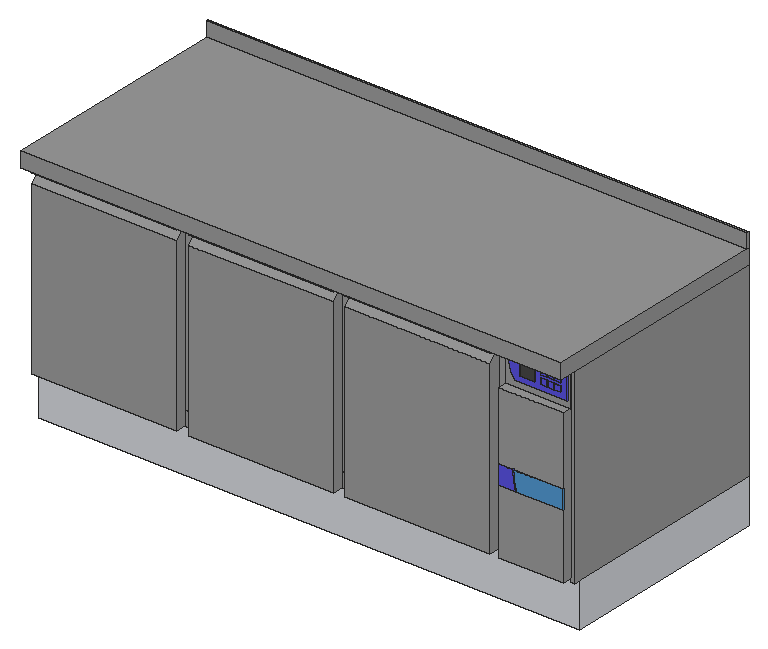
Revit family "Backwaren-Kühltische400x600 - Zentral", category Sonderausstattung, Revit 2015
Parameters (values of type "650x1845 3-türig")
  Öffnungstiefe = Korpus Tiefe - Rückwand Stärke - 100 mm  # 570 mm
  Öffnungssymbol Grundriss [instance] = yes
  Watt = 130 W
  Wand unten Stärke = 50 mm  # constant formula
  Wand oben Stärke = 50 mm  # constant formula
  Versatz bei Sockel oder Füße [instance] = if(or(Sockel, Füße), 150 mm, 0 mm)  # 150 mm
  Versatz Tür zu Seitenteil = 30 mm
  Türen Stärke = 50 mm  # constant formula
  Türen Lücke = 40 mm
  Türen Höhe = Korpus Höhe - 20 mm  # 630 mm
  Türen Breite = 495 mm
  Türen Anzahl = 3
  Türen Breite halb = Türen Breite / 2  # 247.5 mm
  Tür_3 = yes
  Tür_2 = yes
  Tür_1 = yes
  Tiefe [instance] = 800 mm
  Temp. Bereich = "-2°C / +10°C"
  Spannung = 230 V
  Sockelhöhe = 150 mm  # constant formula
  Sockel [instance] = yes
  Seitenwand Stärke = 50 mm  # constant formula
  Seitenteilwand Stärke = 15 mm  # constant formula
  Seitenteil Breite = 220 mm
  Scheinleistung = 0 VA
  Pole = 1
  Platte Tiefe = 800 mm  # constant formula
  Platte Stärke [instance] = if(Marmorplatte, 40 mm, 50 mm)  # 50 mm
  Pfosten Tiefe = 50 mm  # constant formula
  Rückwand Stärke = 50 mm  # constant formula
  Pfosten Breite = 100 mm  # constant formula
  Pfosten Anzahl = 2
  Pfosten Abstand = Türen Breite + (Türen Lücke / 2)  # 515 mm
  Pfosten 2 = yes
  Pfosten 1 = yes
  Material = Edelstahl AISI 304
  Marmorplatte Strg [instance] = if(and(Deckplatte, Marmorplatte), not(Marmorplatte), if(Marmorplatte, Marmorplatte, Marmorplatte))  # no
  Marmorplatte Material = Marmor
  Marmorplatte [instance] = no
  Kältemittel = "R290"
  Kälteleistung = "430 Watt -15°C VT"
  Korpus Tiefe = Platte Tiefe - 50 mm - 30 mm  # 720 mm
  Korpus Höhe = 650 mm
  Korpus Breite = Breite - Seitenteil Breite - Seitenteilwand Stärke  # 1610 mm
  Kapazität = "3 x 10 x EN6040"
  Höhe Leitungsanschluss = 500 mm
  Höhe Elektroanschluss = 150 mm
  Höhe [instance] = if(or(Deckplatte, Marmorplatte), Korpus Höhe + Versatz bei Sockel oder Füße + Platte Stärke, Korpus Höhe + Versatz bei Sockel oder Füße)  # 850 mm
  Füße Strg [instance] = and(Füße, not(Sockel))  # no
  Füße [instance] = no
  Deckplatte [instance] = yes
  DN Trichterablauf = 50 mm
  DN Saugleitung = 8 mm
  DN Flüssigkeitsleitung = 6 mm
  Breite = 1845 mm
  Aufkantung Stärke = 6 mm
  Aufkantung Strg [instance] = and(or(Deckplatte, Marmorplatte), Aufkantung)  # yes
  Aufkantung Höhe = 50 mm
  Aufkantung [instance] = yes
  Artnr ohne Platte = "KTO 834660"
  Artnr mit Platte und Aufkantung = "KTO 834661"
  Artnr mit Platte = "KTO 834662"
  Artikelnr. [instance] = if(and(Deckplatte, not(Aufkantung)), Artnr mit Platte, if(and(Deckplatte, Aufkantung), Artnr mit Platte und Aufkantung, Artnr ohne Platte))  # "KTO 834661"
  Abstand Logo = (Korpus Höhe - 120 mm) / 2  # 265 mm
  Abstand Leitungen = 100 mm
  Abstand Display seitlich = 10 mm
Types (2, lengths in mm): name | Watt | Versatz Tür zu Seitenteil | Türen Anzahl | Tür_3 | Pfosten Anzahl | Pfosten 2 | Marmorplatte Material | Kälteleistung | Korpus Breite | Kapazität | Breite | Artnr ohne Platte | Artnr mit Platte und Aufkantung | Artnr mit Platte | Artikelnr.
  650x1300 2-türig | 80 W | 20 | 2 | no | 1 | no | none | "310 Watt -15°C VT" | 1065 | "2 x 10 x EN6040" | 1300 | "KTO 824660" | "KTO 824661" | "KTO 824662" | "KTO 824661"
  650x1845 3-türig | 130 W | 30 | 3 | yes | 2 | yes | Marmor | "430 Watt -15°C VT" | 1610 | "3 x 10 x EN6040" | 1845 | "KTO 834660" | "KTO 834661" | "KTO 834662" | "KTO 834661"
Reference planes
  plane 1 "Mitte (Vorne/Hinten)": y = 0
  plane 2: z = 0
  plane 3 "Mitte (Links/Rechts)": x = 0
  plane 4: x = -15
  plane 5: x = -235
  plane 6: x = -285
  plane 7: x = -730
  plane 8: x = -780
  plane 9: x = -830
  plane 10: x = -1265
  plane 11: x = -1315
  plane 12: x = -1365
  plane 13: x = -1795
  plane 14 "L": x = -1845
  plane 15: y = -50
  plane 16: y = -670
  plane 17: y = -720
  plane 18 "Korpus unten": z = 150
  plane 19: z = 200
  plane 20: z = 750
  plane 21: z = 800
  plane 22: z = 850
  plane 23: z = 900
  plane 24: z = 150
  plane 25 "Türen": z = 160
  plane 26: z = 680
  plane 27: y = -15
  plane 28: y = -800
  plane 29: x = -1830
  plane 30: x = -265
  plane 31: y = -6
  plane 32: x = -1582.5
  plane 33: x = -1047.5
  plane 34: x = -512.5
  plane 35 "Display": y = -740
  plane 36 "Logo": y = -770
  plane 37: x = -110
  plane 38: y = -160
  plane 39: y = -300
  plane 40: y = -450
  plane 41: z = 447.5
  plane 42: z = 382.5
  plane 43: z = 415
  plane 44: x = -760
  plane 45: x = -1295
  plane 46: x = -800
  plane 47: x = -1335
  plane 48 "Leitungen": z = 500
  plane 49 "Elektro": z = 150
  plane 50: x = -160
  plane 51: x = -60
  plane 52: y = -80
  plane 53: y = -678
  plane 54: x = -1765
  plane 55 "SR": x = -273
Forms (mm)
  Extrusion 1, solid, material "Edelstahl AISI 304" <- "Material", visible <- "Pfosten 2", detail levels fine
    sketch origin (0, 0, 0) x (1, 0, 0) y (0, 1, 0)
      loop
        line (-1365, -720) -> (-1265, -720) -> (-1265, -670) -> (-1365, -670) -> (-1365, -720)
    from 200 to 750
  Extrusion 2, solid, material "Edelstahl AISI 304" <- "Material", visible <- "Pfosten 1", detail levels fine
    sketch origin (0, 0, 0) x (1, 0, 0) y (0, 1, 0)
      loop
        line (-830, -720) -> (-730, -720) -> (-730, -670) -> (-830, -670) -> (-830, -720)
    from 200 to 750
  Extrusion 3, solid, material "Edelstahl AISI 304" <- "Material", detail levels fine
    sketch origin (0, 0, 0) x (1, 0, 0) y (0, 0, 1)
      loop
        line (-235, 150) -> (-235, 800) -> (-1845, 800) -> (-1845, 150) -> (-235, 150)
      loop
        line (-1795, 750) -> (-1795, 200) -> (-285, 200) -> (-285, 750) -> (-1795, 750)
    from 0 to 720
  Extrusion 4, solid, material "Edelstahl AISI 304" <- "Material", detail levels fine
    sketch origin (0, 0, 0) x (1, 0, 0) y (0, 0, 1)
      loop
        line (-1795, 750) -> (-1795, 200) -> (-285, 200) -> (-285, 750) -> (-1795, 750)
    from 0 to 50
  Extrusion 5, solid, material "Edelstahl AISI 304" <- "Material", visible <- "Füße Strg", detail levels medium+fine
    sketch origin (0, 0, 0) x (1, 0, 0) y (0, 1, 0)
      loop
        circle (-273, -80) r 20
      loop
        circle (-273, -678) r 20
      loop
        circle (-1765, -678) r 20
      loop
        circle (-1765, -80) r 20
    from 0 to 150
  Extrusion 6, solid, visible <- "Sockel", detail levels medium+fine
    sketch origin (0, 0, 0) x (1, 0, 0) y (0, 1, 0)
      loop
        line (-1845, 0) -> (-1845, -720) -> (0, -720) -> (0, 0) -> (-1845, 0)
    from 0 to 150
  Extrusion 7, solid, material "Edelstahl AISI 304" <- "Material", detail levels medium+fine
    sketch origin (0, 0, 0) x (1, 0, 0) y (0, 1, 0)
      loop
        line (-235, 0) -> (-235, -720) -> (-15, -720) -> (-15, 0) -> (-235, 0)
    from 150 to 800
  Extrusion 8, solid, material "Edelstahl AISI 304" <- "Material", detail levels medium+fine
    sketch origin (0, 0, 0) x (1, 0, 0) y (0, 1, 0)
      loop
        line (-15, 0) -> (-15, -740) -> (0, -740) -> (0, 0) -> (-15, 0)
    from 150 to 800
  Extrusion 9, solid, material "Edelstahl AISI 304" <- "Material", visible <- "Deckplatte", detail levels medium+fine
    sketch origin (0, 0, 0) x (1, 0, 0) y (0, 1, 0)
      loop
        line (-1845, 0) -> (-1845, -800) -> (0, -800) -> (0, 0) -> (-1845, 0)
    from 800 to 850
  Extrusion 10, solid, material "Edelstahl AISI 304" <- "Material", visible <- "Aufkantung Strg", detail levels fine
    sketch origin (0, 0, 0) x (1, 0, 0) y (0, 1, 0)
      loop
        line (-1845, 0) -> (-1845, -6) -> (0, -6) -> (0, 0) -> (-1845, 0)
    from 850 to 900
  Extrusion 11, solid, material "Edelstahl AISI 304" <- "Material", detail levels medium+fine
    sketch origin (0, 0, 0) x (1, 0, 0) y (0, 0, 1)
      loop
        line (-15, 160) -> (-15, 680) -> (-235, 680) -> (-235, 160) -> (-15, 160)
    from 720 to 770
  Extrusion 12, solid, material "Edelstahl AISI 304" <- "Material", detail levels medium+fine
    sketch origin (0, 0, 0) x (1, 0, 0) y (0, 0, 1)
      loop
        line (-235, 800) -> (-235, 680) -> (-15, 680) -> (-15, 800) -> (-235, 800)
    from 720 to 740
  Extrusion 13, solid, material "Logo Blau Dunkel", detail levels fine
    sketch origin (0, -740, 0) x (-1, 0, 0) y (0, 0, 1)
      loop
        line (225, 780) -> (25, 780) -> (25, 700) -> (205, 700)
        arc (205, 700) -> (219.844, 738.789) -> (225, 780) r 172.745
      loop
        line (185, 770) -> (135, 770) -> (135, 720) -> (185, 720) -> (185, 770)
      loop
        line (115, 770) -> (95, 770) -> (95, 750) -> (115, 750) -> (115, 770)
      loop
        line (90, 770) -> (70, 770) -> (70, 750) -> (90, 750) -> (90, 770)
      loop
        line (65, 770) -> (45, 770) -> (45, 750) -> (65, 750) -> (65, 770)
      loop
        line (115, 720) -> (115, 740) -> (95, 740) -> (95, 720) -> (115, 720)
      loop
        line (90, 720) -> (90, 740) -> (70, 740) -> (70, 720) -> (90, 720)
      loop
        line (65, 720) -> (65, 740) -> (45, 740) -> (45, 720) -> (65, 720)
    from 0 to -2
  Extrusion 14, solid, material "Logo Blau Hell", detail levels fine
    sketch origin (0, -770, 0) x (-1, 0, 0) y (0, 0, 1)
      loop
        line (185, 447.5) -> (15, 447.5) -> (15, 382.5) -> (175, 382.5)
        arc (175, 382.5) -> (182.724, 414.581) -> (185, 447.5) r 197.504
    from 0 to -2
  Extrusion 15, solid, material "Logo Blau Dunkel", detail levels fine
    sketch origin (0, -770, 0) x (-1, 0, 0) y (0, 0, 1)
      loop
        line (175, 382.5) -> (235, 382.5) -> (235, 447.5) -> (185, 447.5)
        arc (185, 447.5) -> (182.724, 414.581) -> (175, 382.5) r 197.504
    from 0 to -2
  Extrusion 16, solid, not visible
    sketch origin (0, 0, 150) x (-1, 0, 0) y (0, -1, 0)
      loop
        circle (110, 160) r 40
    from 0 to 2
  Extrusion 17, solid, material "Display", detail levels fine
    sketch origin (0, -740, 0) x (-1, 0, 0) y (0, 0, 1)
      loop
        line (185, 770) -> (135, 770) -> (135, 720) -> (185, 720) -> (185, 770)
    from 0 to -2
  Extrusion 18, solid, material "Knöpfe", detail levels fine
    sketch origin (0, -740, 0) x (-1, 0, 0) y (0, 0, 1)
      loop
        line (115, 770) -> (95, 770) -> (95, 750) -> (115, 750) -> (115, 770)
      loop
        line (115, 740) -> (95, 740) -> (95, 720) -> (115, 720) -> (115, 740)
      loop
        line (90, 720) -> (90, 740) -> (70, 740) -> (70, 720) -> (90, 720)
      loop
        line (90, 750) -> (90, 770) -> (70, 770) -> (70, 750) -> (90, 750)
      loop
        line (65, 770) -> (45, 770) -> (45, 750) -> (65, 750) -> (65, 770)
      loop
        line (65, 740) -> (45, 740) -> (45, 720) -> (65, 720) -> (65, 740)
    from 0 to -3
  Extrusion 19, solid, material "Marmor" <- "Marmorplatte Material", visible <- "Marmorplatte Strg", detail levels medium+fine
    sketch origin (0, 0, 150) x (-1, 0, 0) y (0, -1, 0)
      loop
        line (1845, 0) -> (1845, 800) -> (0, 800) -> (0, 0) -> (1845, 0)
    from 700 to 650
  Extrusion 20, solid, not visible
    sketch origin (0, 0, 150) x (0, -1, 0) y (1, 0, 0)
      loop
        circle (300, -110) r 20
    from 0 to -2
  Extrusion 21, solid, not visible
    sketch origin (0, 0, 500) x (0, -1, 0) y (1, 0, 0)
      loop
        circle (450, -160) r 3
      loop
        circle (450, -60) r 4
    from 0 to -2
  Extrusion 22, solid, material "Edelstahl AISI 304" <- "Material", detail levels medium
    sketch origin (0, 0, 150) x (-1, 0, 0) y (0, -1, 0)
      loop
        line (1845, 0) -> (1845, 720) -> (235, 720) -> (235, 0) -> (1845, 0)
    from 650 to -2
  Extrusion 23, solid, material "Edelstahl AISI 304" <- "Material", detail levels coarse
    sketch origin (0, 0, 0) x (1, 0, 0) y (0, 1, 0)
      loop
        line (-1845, 0) -> (-1845, -800) -> (0, -800) -> (0, 0) -> (-1845, 0)
    from 850 to -2
Dimensions and locks
  "Rückwand Stärke": plane 15 to plane 1 "Mitte (Vorne/Hinten)"
  "Pfosten Tiefe": plane 16 to plane 17
  "Korpus Tiefe": plane 17 to plane 1 "Mitte (Vorne/Hinten)"
  "Seitenwand Stärke": plane 5 to plane 6
  "Seitenwand Stärke": plane 13 to plane 14 "L"
  "Seitenteilwand Stärke": plane 3 "Mitte (Links/Rechts)" to plane 4
  "Seitenteil Breite": plane 4 to plane 5
  "Breite": plane 3 "Mitte (Links/Rechts)" to plane 14 "L"
  "Wand unten Stärke": plane 19 to plane 18 "Korpus unten"
  "Aufkantung Höhe": plane 23 to plane 22
  "Platte Stärke": plane 22 to plane 21
  "Wand oben Stärke": plane 21 to plane 20
  "Korpus Höhe": plane 21 to plane 18 "Korpus unten"
  "Versatz bei Sockel oder Füße": plane 18 "Korpus unten" to level
  "Sockelhöhe": plane 24 to level
  locked: plane 25 "Türen" to plane 18 "Korpus unten" at 10
  locked: plane 21 to plane 26 at 120
  "Seitenteilwand Stärke": plane 27 to plane 1 "Mitte (Vorne/Hinten)"
  "Platte Tiefe": plane 28 to plane 1 "Mitte (Vorne/Hinten)"
  locked: plane 29 to plane 14 "L" at 15
  "Versatz Tür zu Seitenteil": plane 5 to plane 30
  "Aufkantung Stärke": plane 31 to plane 1 "Mitte (Vorne/Hinten)"
  locked: plane 17 to plane 35 "Display" at 20
  "Türen Stärke": plane 17 to plane 36 "Logo"
  plane 37 to plane 3 "Mitte (Links/Rechts)" = 110 mm
  plane 40 to plane 39 to plane 38 to plane 1 "Mitte (Vorne/Hinten)" = 150 mm locked, 140 mm locked, 160 mm locked
  locked: plane 21 to Extrusion 13 sketch curve at 20
  locked: Extrusion 13 sketch curve to plane 26 at 20
  locked: Extrusion 13 sketch curve to Extrusion 13 sketch curve at 10
  locked: Extrusion 13 sketch curve to Extrusion 13 sketch curve at 20  (x3)
  locked: plane 41 to plane 42 at 65
  "Abstand Logo": plane 26 to plane 43
  locked: Extrusion 14 sketch curve to plane 5 at 50
  locked: Extrusion 14 sketch curve to plane 5 at 60
  equal spacing: plane 41, plane 43, plane 42
  plane 26 to plane 41 = 232.5 mm
  "Türen Breite halb": plane 30 to plane 34
  "Türen Lücke": plane 44 to plane 46
  "Türen Lücke": plane 45 to plane 47
  "Türen Breite halb": plane 46 to plane 33
  "Türen Breite halb": plane 47 to plane 32
  "Türen Breite": plane 30 to plane 44
  "Türen Breite": plane 46 to plane 45
  equal spacing: plane 7, plane 8, plane 9
  equal spacing: plane 10, plane 11, plane 12
  "Pfosten Breite": plane 10 to plane 12
  "Pfosten Breite": plane 7 to plane 9
  "Pfosten Abstand": plane 30 to plane 8
  "Pfosten Abstand": plane 46 to plane 11
  "Abstand Display seitlich": plane 4 to Extrusion 13 sketch curve
  locked: Extrusion 13 sketch curve to Extrusion 13 sketch curve at 200
  locked: Extrusion 13 sketch curve to Extrusion 13 sketch curve at 180
  Extrusion 13 sketch curve to Extrusion 13 sketch curve to Extrusion 13 sketch curve to Extrusion 13 sketch curve to Extrusion 13 sketch curve to Extrusion 13 sketch curve to Extrusion 13 sketch curve to Extrusion 13 sketch curve to Extrusion 13 sketch curve = 50 mm locked, 20 mm locked, 20 mm locked, 5 mm locked, 20 mm locked, 5 mm locked, 20 mm locked, 20 mm locked
  "Höhe Leitungsanschluss": plane 48 "Leitungen" to level
  "Höhe Elektroanschluss": plane 49 "Elektro" to level
  equal spacing: plane 50, plane 37, plane 51
  "Abstand Leitungen": plane 50 to plane 51
  locked: plane 1 "Mitte (Vorne/Hinten)" to plane 52 at 80
  locked: plane 53 to plane 17 at 42
  locked: plane 14 "L" to plane 54 at 80
  locked: plane 55 "SR" to plane 3 "Mitte (Links/Rechts)" at 273
  "DN Flüssigkeitsleitung": diameter of Extrusion 21 sketch curve
  "DN Saugleitung": diameter of Extrusion 21 sketch curve
  aligned and locked: level to plane 2
  aligned and locked: plane 20 to Extrusion 2
  aligned and locked: plane 20 to Extrusion 1
  aligned and locked: Extrusion 3 to plane 17
  aligned and locked: Extrusion 2 to plane 19
  aligned and locked: Extrusion 1 to plane 19
  aligned and locked: Extrusion 4 to plane 15
  aligned and locked: plane 24 to Extrusion 5
  aligned and locked: plane 24 to Extrusion 6
  aligned and locked: plane 21 to Extrusion 7
  aligned and locked: Extrusion 7 to plane 18 "Korpus unten"
  aligned and locked: plane 21 to Extrusion 8
  aligned and locked: Extrusion 8 to plane 18 "Korpus unten"
  aligned and locked: plane 22 to Extrusion 9
  aligned and locked: Extrusion 9 to plane 21
  aligned and locked: plane 23 to Extrusion 10
  aligned and locked: Extrusion 10 to plane 22
  aligned and locked: plane 17 to Extrusion 11
  aligned and locked: plane 17 to Extrusion 12
  aligned and locked: Extrusion 12 to plane 35 "Display"
  aligned and locked: plane 35 "Display" to Extrusion 8 sketch curve
  aligned and locked: plane 4 to Extrusion 8 sketch curve
  aligned and locked: Extrusion 8 sketch curve to plane 3 "Mitte (Links/Rechts)"
  aligned and locked: plane 1 "Mitte (Vorne/Hinten)" to Extrusion 8 sketch curve
  aligned and locked: nested 3 to plane 32
  aligned and locked: plane 33 to nested 2
  aligned and locked: plane 34 to nested 1
  aligned and locked: nested 1 to plane 25 "Türen"
  aligned and locked: nested 2 to plane 25 "Türen"
  aligned and locked: nested 3 to plane 25 "Türen"
  aligned and locked: nested 3 to plane 17
  aligned and locked: nested 2 to plane 17
  aligned and locked: nested 1 to plane 17
  aligned and locked: plane 25 "Türen" to Extrusion 11 sketch curve
  aligned and locked: plane 5 to Extrusion 11 sketch curve
  aligned and locked: Extrusion 11 sketch curve to plane 4
  aligned and locked: plane 26 to Extrusion 11 sketch curve
  aligned and locked: Extrusion 10 sketch curve to plane 31
  aligned and locked: Extrusion 13 sketch curve to Extrusion 13 sketch curve  (x16)
  aligned and locked: Extrusion 14 sketch curve to plane 4
  aligned and locked: Extrusion 15 sketch curve to Extrusion 14
  aligned and locked: plane 42 to Extrusion 15 sketch curve
  aligned and locked: plane 41 to Extrusion 15 sketch curve
  aligned and locked: plane 5 to Extrusion 15 sketch curve
  aligned and locked: Extrusion 17 sketch curve to Extrusion 13  (x4)
  aligned and locked: Extrusion 18 sketch curve to Extrusion 13  (x24)
  aligned and locked: Extrusion 11 to plane 36 "Logo"
  aligned and locked: plane 22 to Extrusion 19
  aligned and locked: plane 14 "L" to Extrusion 19 sketch curve
  aligned and locked: plane 14 "L" to Extrusion 22 sketch curve
  aligned and locked: plane 1 "Mitte (Vorne/Hinten)" to Extrusion 22 sketch curve
  aligned and locked: plane 17 to Extrusion 22 sketch curve
  aligned and locked: Extrusion 22 sketch curve to plane 5
  aligned and locked: plane 21 to Extrusion 22
  aligned and locked: plane 14 "L" to Extrusion 23 sketch curve
  aligned and locked: plane 28 to Extrusion 23 sketch curve
  aligned and locked: plane 1 "Mitte (Vorne/Hinten)" to Extrusion 23 sketch curve
  aligned and locked: Extrusion 23 sketch curve to plane 3 "Mitte (Links/Rechts)"
  aligned and locked: plane 22 to Extrusion 23
Automatic sketch dimensions
  Extrusion 9 sketch curve to plane 14 "L" = 0 mm
  Extrusion 9 sketch curve to plane 3 "Mitte (Links/Rechts)" = 0 mm
  Extrusion 9 sketch curve to plane 28 = 0 mm
  plane 1 "Mitte (Vorne/Hinten)" to Extrusion 9 sketch curve = 0 mm
  Extrusion 10 sketch curve to plane 14 "L" = 0 mm
  Extrusion 10 sketch curve to plane 3 "Mitte (Links/Rechts)" = 0 mm
  plane 1 "Mitte (Vorne/Hinten)" to Extrusion 10 sketch curve = 0 mm
  Extrusion 14 sketch curve to plane 42 = 0 mm
  Extrusion 14 sketch curve to plane 41 = 0 mm
  Extrusion 14 sketch curve to plane 41 = 2.887 mm
  Extrusion 1 sketch curve to plane 12 = 0 mm
  Extrusion 1 sketch curve to plane 10 = 0 mm
  Extrusion 1 sketch curve to plane 17 = 0 mm
  Extrusion 1 sketch curve to plane 16 = 0 mm
  Extrusion 2 sketch curve to plane 9 = 0 mm
  Extrusion 2 sketch curve to plane 7 = 0 mm
  Extrusion 2 sketch curve to plane 17 = 0 mm
  Extrusion 2 sketch curve to plane 16 = 0 mm
  Extrusion 3 sketch curve to plane 14 "L" = 0 mm
  Extrusion 3 sketch curve to plane 13 = 0 mm
  Extrusion 3 sketch curve to plane 6 = 0 mm
  Extrusion 3 sketch curve to plane 5 = 0 mm
  Extrusion 3 sketch curve to plane 18 "Korpus unten" = 0 mm
  Extrusion 3 sketch curve to plane 19 = 0 mm
  Extrusion 3 sketch curve to plane 20 = 0 mm
  Extrusion 3 sketch curve to plane 21 = 0 mm
  Extrusion 4 sketch curve to plane 13 = 0 mm
  Extrusion 4 sketch curve to plane 6 = 0 mm
  Extrusion 4 sketch curve to plane 19 = 0 mm
  Extrusion 4 sketch curve to plane 20 = 0 mm
  Extrusion 6 sketch curve to plane 14 "L" = 0 mm
  Extrusion 6 sketch curve to plane 3 "Mitte (Links/Rechts)" = 0 mm
  Extrusion 6 sketch curve to plane 17 = 0 mm
  plane 1 "Mitte (Vorne/Hinten)" to Extrusion 6 sketch curve = 0 mm
  Extrusion 7 sketch curve to plane 5 = 0 mm
  Extrusion 7 sketch curve to plane 4 = 0 mm
  Extrusion 7 sketch curve to plane 17 = 0 mm
  plane 1 "Mitte (Vorne/Hinten)" to Extrusion 7 sketch curve = 0 mm
  Extrusion 12 sketch curve to plane 5 = 0 mm
  Extrusion 12 sketch curve to plane 4 = 0 mm
  Extrusion 12 sketch curve to plane 26 = 0 mm
  Extrusion 12 sketch curve to plane 21 = 0 mm
  Extrusion 16 sketch curve to plane 37 = 0 mm
  Extrusion 16 sketch curve to plane 38 = 0 mm
  plane 1 "Mitte (Vorne/Hinten)" to Extrusion 19 sketch curve = 0 mm
  Extrusion 19 sketch curve to plane 3 "Mitte (Links/Rechts)" = 0 mm
  Extrusion 19 sketch curve to plane 28 = 0 mm
  Extrusion 20 sketch curve to plane 37 = 0 mm
  Extrusion 20 sketch curve to plane 39 = 0 mm
  Extrusion 5 sketch curve to plane 53 = 0 mm  (x2)
  Extrusion 5 sketch curve to plane 54 = 0 mm  (x2)
  Extrusion 5 sketch curve to plane 52 = 0 mm  (x2)
  Extrusion 5 sketch curve to plane 55 "SR" = 0 mm  (x2)
  plane 51 to Extrusion 13 sketch curve = 7.743 mm
  Extrusion 21 sketch curve to plane 40 = 0 mm  (x2)
  Extrusion 21 sketch curve to plane 50 = 0 mm
  Extrusion 21 sketch curve to plane 51 = 0 mm
  radius of Extrusion 16 sketch curve = 40 mm
  radius of Extrusion 20 sketch curve = 20 mm
  radius of Extrusion 5 sketch curve = 20 mm  (x4)
Nested families
  nested 1: "Türen 1" at (-512.5, -720, 160), Tür Höhe <- "Türen Höhe", Tür Breite <- "Türen Breite", visible <- "Tür_1", type "1-fach"
    with Tür Höhe 3 von 3 203 mm, Tür Höhe 2 von 3 203 mm, Tür Höhe 2 von 2 ungleich 417 mm, Tür Höhe 2 von 2 gleich 310 mm, Tür Höhe 1 von 3 203 mm, Tür Höhe 1 von 2 ungleich 203 mm, Tür Höhe 1 von 2 gleich 310 mm, Tür Höhe 630 mm, Tür Breite 495 mm, Lücke 2 10 mm, Lücke 1 10.5 mm, Öffnungstiefe 570 mm
  nested 2: "Türen 1" at (-1047.5, -720, 160), Tür Höhe <- "Türen Höhe", Tür Breite <- "Türen Breite", visible <- "Tür_2", type "1-fach"
    with Tür Höhe 3 von 3 203 mm, Tür Höhe 2 von 3 203 mm, Tür Höhe 2 von 2 ungleich 417 mm, Tür Höhe 2 von 2 gleich 310 mm, Tür Höhe 1 von 3 203 mm, Tür Höhe 1 von 2 ungleich 203 mm, Tür Höhe 1 von 2 gleich 310 mm, Tür Höhe 630 mm, Tür Breite 495 mm, Lücke 2 10 mm, Lücke 1 10.5 mm, Öffnungstiefe 570 mm
  nested 3: "Türen 1" at (-1582.5, -720, 160), Tür Höhe <- "Türen Höhe", Tür Breite <- "Türen Breite", visible <- "Tür_3", type "1-fach"
    with Tür Höhe 3 von 3 203 mm, Tür Höhe 2 von 3 203 mm, Tür Höhe 2 von 2 ungleich 417 mm, Tür Höhe 2 von 2 gleich 310 mm, Tür Höhe 1 von 3 203 mm, Tür Höhe 1 von 2 ungleich 203 mm, Tür Höhe 1 von 2 gleich 310 mm, Tür Höhe 630 mm, Tür Breite 495 mm, Lücke 2 10 mm, Lücke 1 10.5 mm, Öffnungstiefe 570 mm
Connectors
  piping at (-110, -160, 150), diameter 50, driven by "DN Trichterablauf"
    settings: on Extrusion 16, index 2, connector inside diameter 609.6 mm, connector length 0 mm, flow factor 0, pipe flow 0.0 L/s, pressure drop 0.0 Pa, fitting loss kfactor 0, connector angle 0.00°, fixture units 0, engagement length 0 mm, angle of deflection 0.00°, flow configuration 1, flow direction 2, fitting loss method 0, system type 16, joint type 0, gender type 0, connector reference index -1, connector utility 0, adjustable connector no, is connector primary yes, connector description ""
  electrical at (-110, -300, 148), driven by "Pole", driven by "Spannung", driven by "Scheinleistung"
    settings: on Extrusion 20, index 3, voltage 230 V, apparent load 0 VA, apparent load phase1 0 VA, apparent load phase2 0 VA, apparent load phase3 0 VA, power factor 1, load classification "Sonstige", number of poles 1, system type 31, power factor state 1, is connector primary yes, connector utility no, sub classification motor no, connector description ""
  piping at (-60, -450, 498), diameter 8, driven by "DN Saugleitung"
    settings: on Extrusion 21, index 4, connector inside diameter 609.6 mm, connector length 0 mm, flow factor 0, pipe flow 0.0 L/s, pressure drop 0.0 Pa, fitting loss kfactor 0, connector angle 0.00°, fixture units 0, engagement length 0 mm, angle of deflection 0.00°, flow configuration 1, flow direction 1, fitting loss method 0, system type 22, joint type 0, gender type 0, connector reference index -1, connector utility 0, adjustable connector no, is connector primary no, connector description ""
  piping at (-160, -450, 498), diameter 6, driven by "DN Flüssigkeitsleitung"
    settings: on Extrusion 21, index 5, connector inside diameter 609.6 mm, connector length 0 mm, flow factor 0, pipe flow 0.0 L/s, pressure drop 0.0 Pa, fitting loss kfactor 0, connector angle 0.00°, fixture units 0, engagement length 0 mm, angle of deflection 0.00°, flow configuration 1, flow direction 1, fitting loss method 0, system type 20, joint type 0, gender type 0, connector reference index -1, connector utility 0, adjustable connector no, is connector primary no, connector description ""
Definition of nested family "Türen 1"
  Parameters (values of type "1-fach")
    Öffnungstiefe = 375.348 mm
    Öffnungssymbol Grundriss = yes
    Türflügel Stärke = 35 mm
    Tür Stärke = 50 mm
    Tür Höhe 2 von 2 ungleich [instance] = Tür Höhe - Tür Höhe 1 von 2 ungleich - 10 mm  # 417 mm
    Tür Höhe 2 von 2 gleich [instance] = (Tür Höhe - Lücke 2) / 2  # 309.75 mm
    Tür Höhe 1 von 2 ungleich [instance] = (Tür Höhe - (Lücke 1 * 2)) / 3  # 203 mm
    Tür Höhe 1 von 2 gleich [instance] = (Tür Höhe - Lücke 2) / 2  # 309.75 mm
    Tür Höhe [instance] = 630 mm
    Tür Breite [instance] = 430 mm
    Tür Höhe 3 von 3 [instance] = (Tür Höhe - (Lücke 1 * 2)) / 3  # 203 mm
    Tür Höhe 2 von 3 [instance] = (Tür Höhe - (Lücke 1 * 2)) / 3  # 203 mm
    Tür Höhe 1 von 3 [instance] = (Tür Höhe - (Lücke 1 * 2)) / 3  # 203 mm
    Material = none
    Lücke 2 [instance] = 10.5 mm
    Lücke 1 [instance] = 10.5 mm
    Dichtung Stärke = Tür Stärke - Türflügel Stärke  # 15 mm
    3-fach = no
    2-fach ungleich = no
    2-fach gleich = no
    1-fach = yes
  Reference planes
    plane 1 "Mitte (Vorne/Hinten)": y = 0
    plane 2: z = 0
    plane 3 "Mitte (Links/Rechts)": x = 0
    plane 4: x = 215
    plane 5: x = -215
    plane 6: y = -50
    plane 7: y = -15
    plane 8: z = 630
    plane 9: z = 417
    plane 10: z = 427
    plane 11: z = 320.25
    plane 12: z = 309.75
    plane 13: z = 427
    plane 14: z = 416.5
    plane 15: z = 213.5
    plane 16: z = 203
    plane 17: y = -425.348
  Forms (mm)
    Extrusion 1, solid, material <- "Material", visible <- "1-fach", detail levels fine
      sketch origin (0, 0, 0) x (0, 1, 0) y (0, 0, 1)
        loop
          line (-50, 0) -> (-15, 0) -> (-15, 630) -> (-50, 630) -> (-50, 615) -> (-48, 615) -> (-48, 628) -> (-17, 628) -> (-17, 615) -> (-50, 582) -> (-50, 0)
      from -215 to 215
    Extrusion 2, solid, material <- "Material", visible <- "1-fach", detail levels medium
      sketch origin (0, 0, 0) x (1, 0, 0) y (0, 0, 1)
        loop
          line (-215, 630) -> (-215, 0) -> (215, 0) -> (215, 630) -> (-215, 630)
      from 0 to 50
  Lines and regions (mm)
    symbolic lines, visible <- "Öffnungssymbol Grundriss"
      curve 1: line (-215, -15, 0) -> (-215, -425.348, 0)
      curve 2: line (-215, -425.348, 0) -> (215, -425.348, 0)
      curve 3: line (215, -425.348, 0) -> (215, -15, 0)
      curve 4: line (0, -100.348, 0) -> (0, -375.348, 0)
      curve 5: line (0, -100.348, 0) -> (24.749, -125.096, 0)
      curve 6: line (0, -100.348, 0) -> (-24.749, -125.096, 0)
      curve 7: line (0, -375.348, 0) -> (24.749, -350.599, 0)
      curve 8: line (0, -375.348, 0) -> (-24.749, -350.599, 0)
  Dimensions and locks
    "Dichtung Stärke": plane 7 to plane 1 "Mitte (Vorne/Hinten)"
    "Tür Stärke": plane 1 "Mitte (Vorne/Hinten)" to plane 6
    "Tür Höhe": plane 8 to level
    equal spacing: plane 4, plane 3 "Mitte (Links/Rechts)", plane 5
    "Tür Breite": plane 4 to plane 5
    locked: Extrusion 1 sketch curve to plane 7 at 2
    locked: plane 6 to Extrusion 1 sketch curve at 2
    locked: plane 8 to Extrusion 1 sketch curve at 2
    locked: plane 8 to Extrusion 1 sketch curve at 15  (x2)
    "Tür Höhe 2 von 2 ungleich": plane 9 to level
    "Tür Höhe 1 von 2 ungleich": plane 8 to plane 10
    "Tür Höhe 1 von 2 gleich": plane 8 to plane 11
    "Tür Höhe 2 von 2 gleich": plane 12 to level
    "Lücke 1": plane 16 to plane 15
    "Lücke 1": plane 13 to plane 14
    "Tür Höhe 1 von 3": plane 8 to plane 13
    "Tür Höhe 3 von 3": plane 16 to level
    "Öffnungstiefe": plane 6 to plane 17
    locked: plane 6 to curve 4 at 50.348
    locked: curve 4 to plane 17 at 50
    locked: Extrusion 1 sketch curve to Extrusion 1 sketch curve (angle 135.00°)
    aligned and locked: level to plane 2
    aligned and locked: Extrusion 1 sketch curve to level
    aligned and locked: Extrusion 1 sketch curve to plane 6  (x2)
    aligned and locked: plane 7 to Extrusion 1 sketch curve
    aligned and locked: plane 8 to Extrusion 1 sketch curve
    aligned and locked: Extrusion 1 to plane 5
    aligned and locked: plane 4 to Extrusion 1
    aligned and locked: curve 4 to plane 3 "Mitte (Links/Rechts)"
    aligned and locked: Extrusion 2 to plane 6
  Automatic sketch dimensions
    curve 1 to plane 5 = 0 mm
    curve 3 to plane 4 = 0 mm
    curve 1 to plane 17 = 0 mm
    curve 1 to plane 7 = 0 mm
    curve 3 to plane 7 = 0 mm
    curve 6 to plane 3 "Mitte (Links/Rechts)" = 24.749 mm
    curve 8 to plane 3 "Mitte (Links/Rechts)" = 24.749 mm
    plane 3 "Mitte (Links/Rechts)" to curve 5 = 24.749 mm
    plane 3 "Mitte (Links/Rechts)" to curve 7 = 24.749 mm
    curve 4 to curve 8 = 24.749 mm
    curve 6 to curve 4 = 24.749 mm
    Extrusion 2 sketch curve to level = 0 mm
    Extrusion 2 sketch curve to plane 5 = 0 mm
    Extrusion 2 sketch curve to plane 4 = 0 mm
    Extrusion 2 sketch curve to plane 8 = 0 mm
